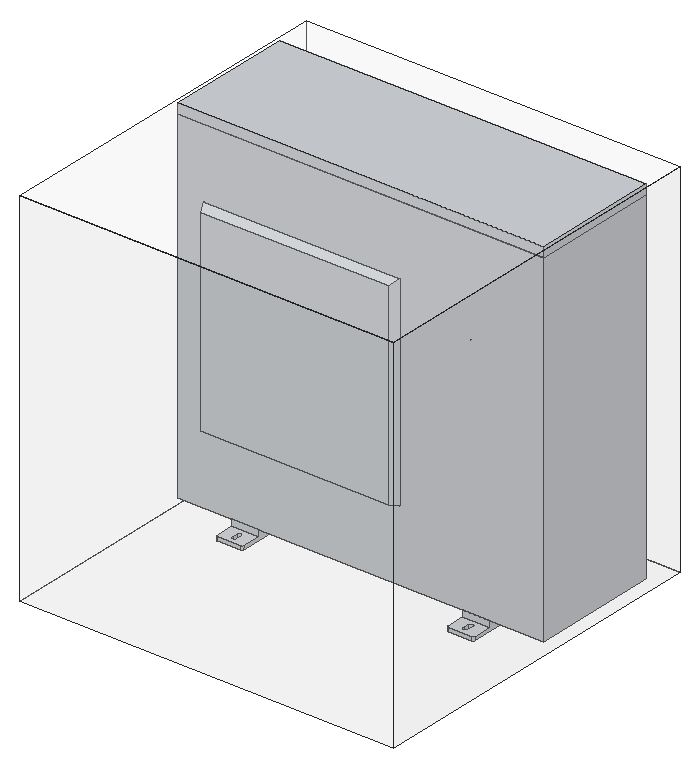
Revit family "puz-zrmp80hka15_280KA5_50hz", category 機械設備, Revit 2019 (continued)
Definition of nested family "PUZ-EZRMP-2"
  Automatic sketch dimensions
    curve 52 to plane 50 = 0 mm
    curve 51 to plane 50 = 0 mm
    curve 50 to plane 50 = 0 mm
    curve 49 to plane 50 = 0 mm
    curve 48 to plane 50 = 0 mm
    curve 47 to plane 50 = 0 mm
    curve 46 to plane 50 = 0 mm
    curve 45 to plane 50 = 0 mm
    curve 44 to plane 50 = 0 mm
    curve 43 to plane 50 = 0 mm
    curve 42 to plane 50 = 0 mm
    curve 41 to plane 50 = 0 mm
    curve 27 to plane 50 = 0 mm
    curve 28 to plane 50 = 0 mm
    curve 40 to plane 50 = 0 mm
    curve 39 to plane 50 = 0 mm
    curve 29 to plane 50 = 0 mm
    curve 38 to plane 50 = 0 mm
    curve 30 to plane 50 = 0 mm
    curve 53 to plane 50 = 0 mm
    curve 31 to plane 50 = 0 mm
    curve 36 to plane 50 = 0 mm
    curve 32 to plane 50 = 0 mm
    curve 35 to plane 50 = 0 mm
    curve 33 to plane 50 = 0 mm
    curve 34 to plane 50 = 0 mm
    curve 28 to plane 49 = 0 mm
    curve 41 to plane 49 = 0 mm
    curve 27 to plane 49 = 0 mm
    curve 42 to plane 49 = 0 mm
    curve 31 to plane 49 = 0 mm
    curve 40 to plane 49 = 0 mm
    curve 37 to plane 49 = 0 mm
    curve 39 to plane 49 = 0 mm
    curve 32 to plane 49 = 0 mm
    curve 45 to plane 49 = 0 mm
    curve 36 to plane 49 = 0 mm
    curve 46 to plane 49 = 0 mm
    curve 43 to plane 49 = 0 mm
    curve 47 to plane 49 = 0 mm
    curve 29 to plane 49 = 0 mm
    curve 48 to plane 49 = 0 mm
    curve 30 to plane 49 = 0 mm
    curve 49 to plane 49 = 0 mm
    curve 44 to plane 49 = 0 mm
    curve 50 to plane 49 = 0 mm
    curve 33 to plane 49 = 0 mm
    curve 51 to plane 49 = 0 mm
    curve 35 to plane 49 = 0 mm
    curve 52 to plane 49 = 0 mm
    curve 38 to plane 49 = 0 mm
    curve 53 to plane 49 = 0 mm
    curve 34 to plane 49 = 0 mm
    Extrusion 9 sketch curve to plane 18 = 0 mm  (x2)
    plane 8 to Extrusion 9 sketch curve = 0 mm
    plane 23 to Extrusion 9 sketch curve = 0 mm
    plane 22 to Extrusion 9 sketch curve = 0 mm  (x3)
    plane 16 to Extrusion 9 sketch curve = 0 mm  (x3)
    plane 17 to Extrusion 9 sketch curve = 0 mm  (x2)
    Extrusion 9 sketch curve to plane 15 = 0 mm  (x2)
    Extrusion 9 sketch curve to plane 19 = 0 mm  (x2)
    Extrusion 9 sketch curve to plane 14 = 0 mm  (x2)
    plane 7 to Extrusion 9 sketch curve = 0 mm
    Extrusion 9 sketch curve to Extrusion 9 sketch curve = 5 mm
    plane 15 to Extrusion 9 sketch curve = 6 mm  (x2)
    plane 19 to Extrusion 9 sketch curve = 5 mm
    Extrusion 9 sketch curve to plane 20 = 5 mm
    plane 14 to Extrusion 9 sketch curve = 6 mm  (x2)
    plane 21 to Extrusion 9 sketch curve = 5 mm
    plane 40 to Masking region 1 sketch curve = 0 mm
    plane 8 to Masking region 1 sketch curve = 0 mm  (x2)
    plane 7 to Masking region 1 sketch curve = 0 mm  (x2)
    curve 301 to plane 6 = 0 mm
    plane 52 to curve 8 = 0 mm
    plane 7 to curve 303 = 0 mm
    curve 304 to plane 18 = 0 mm
    curve 299 to plane 18 = 0 mm
    plane 8 to curve 297 = 0 mm
    curve 305 to plane 19 = 0 mm
    curve 298 to plane 19 = 0 mm
    curve 296 to plane 43 = 0 mm
    curve 295 to plane 48 = 0 mm
    curve 308 to plane 20 = 0 mm
    curve 291 to plane 21 = 11.98 mm
    curve 309 to plane 21 = 0 mm
    curve 290 to plane 47 = 0 mm
    curve 290 to plane 44 = 0 mm
    curve 288 to plane 5 = 0 mm
    plane 22 to curve 304 = 0 mm
    plane 22 to curve 308 = 0 mm
    plane 23 to curve 293 = 0 mm
    plane 23 to curve 298 = 0 mm
    curve 20 to plane 54 = 9 mm
    plane 66 to curve 316 = 4.5 mm
    curve 11 to plane 30 = 5 mm
    curve 11 to plane 66 = 10.5 mm
    curve 8 to curve 5 = 0 mm
    curve 12 to curve 6 = 0 mm
    curve 303 to plane 59 = 17.452 mm
    plane 15 to curve 297 = 2.486 mm
    curve 287 to plane 21 = 16.899 mm
    plane 47 to curve 297 = 22.809 mm
    plane 47 to curve 2 = 2 mm
    plane 31 to curve 9 = 5 mm
    curve 9 to curve 4 = 0 mm
    curve 16 to plane 47 = 13 mm
    plane 40 to Extrusion 9 sketch curve = 10 mm  (x2)
    curve 294 to plane 20 = 0 mm
    curve 293 to plane 21 = 0 mm
    plane 40 to curve 294 = 0 mm
    plane 47 to curve 1 = 2 mm
    curve 16 to curve 325 = 15 mm
Definition of nested family "固定点"
  Parameters (values of type "固定点")
    中心円 = if(W > 599 mm, 12 mm, 10 mm)  # 12 mm
    W = 1000 mm
    D = 1000 mm
  Reference planes
    plane 1 "中心(正面/背面)": y = 0
    plane 2: z = 0
    plane 3 "中心(左/右)": x = 0
    plane 4: x = 1000
    plane 5: y = 1000
  Lines and regions (mm)
    symbolic lines, detail levels fine
      curve 1: circle (0, 1000, 0) r 6 normal (0, 0, 1)
      curve 2: circle (0, 0, 0) r 6 normal (0, 0, 1)
      curve 3: circle (1000, 1000, 0) r 6 normal (0, 0, 1)
      curve 4: circle (1000, 0, 0) r 6 normal (0, 0, 1)
      curve 5: line (-200, 1000, 0) -> (1200, 1000, 0)
      curve 6: line (-200, 0, 0) -> (1200, 0, 0)
      curve 7: line (0, 1200, 0) -> (0, -200, 0)
      curve 8: line (1000, 1200, 0) -> (1000, -200, 0)
  Dimensions and locks
    "W": plane 3 "中心(左/右)" to plane 4
    "D": plane 1 "中心(正面/背面)" to plane 5
    "中心円": diameter of curve 1
    "中心円": diameter of curve 2
    "中心円": diameter of curve 3
    "中心円": diameter of curve 4
    aligned and locked: level to plane 2
    aligned and locked: plane 5 to curve 1
    aligned and locked: plane 3 "中心(左/右)" to curve 1
    aligned and locked: plane 3 "中心(左/右)" to curve 2
    aligned and locked: plane 1 "中心(正面/背面)" to curve 2
    aligned and locked: plane 4 to curve 3
    aligned and locked: plane 5 to curve 3
    aligned and locked: plane 1 "中心(正面/背面)" to curve 4
    aligned and locked: plane 4 to curve 4
    aligned and locked: plane 1 "中心(正面/背面)" to curve 6
    aligned and locked: curve 7 to plane 3 "中心(左/右)"
    aligned and locked: curve 8 to plane 4
  Automatic sketch dimensions
    curve 5 to plane 5 = 0 mm
    curve 6 to plane 3 "中心(左/右)" = 200 mm
    curve 5 to plane 3 "中心(左/右)" = 200 mm
    curve 4 to curve 6 = 200 mm
    curve 3 to curve 5 = 200 mm
    plane 1 "中心(正面/背面)" to curve 8 = 200 mm
    plane 1 "中心(正面/背面)" to curve 7 = 200 mm
    curve 3 to curve 8 = 200 mm
    curve 1 to curve 7 = 200 mm
Types (21, lengths in mm): name | 音響パワーレベル_冷房 (dB) | 音響パワーレベル_暖房 (dB) | 音響パワーレベル(dB) | 電源位置Z | 電源位置X | 電動機出力_送風機 | 電動機出力_圧縮機 | 質量 | 製品質量 | 相 | 消費電力_暖房 | 消費電力_冷房 | 消費電力 | 構成品番 | 極数 | 最小電線太さ_mm2 | 暖房能力 | 推奨ブレーカー容量 | 形名 | ドレン　位置Y | ドレン　位置X | 冷房能力 | 冷媒管（ガス）位置X | 冷媒管（液）位置X | 冷媒管（ガス）位置Y | 冷媒管径符号 | 冷媒管位置Z | 冷媒管位置Y | 冷媒管位置X | 冷媒液管径 | 冷媒ガス管径 | Width | Height | Clearance Right | Clearance Left | Clearance Front | Clearance Back
  室外機_PUZ-ZRMP80HA15 | 66 | 68 | 68 | 669 | 275 | 0.06 kW | 1.6 kW | 79.20 kg | 66.00 kg | 3 | 2.22 kW | 1.93 kW | 2.22 kW | "PUZ-ZRMP80HA15" | 3 | 3.5 | 8 kW | 20 A | PUZ-EZRMP-2 : PUZ-EZRMP-2-2 | 111 | 30 | 7.1 kW | 434 | 377 | 269 | "Bd" | 447 | 279.5 | 405.5 | 9.52 | 15.88 | 950 | 943 | 10 | 10 | 500 | 100
  室外機_PUZ-ZRMP80SHA15 | 66 | 68 | 68 | 669 | 275 | 0.06 kW | 1.6 kW | 84.00 kg | 70.00 kg | 1 | 2.34 kW | 1.98 kW | 2.34 kW | "PUZ-ZRMP80SHA15" | 1 | 3.5 | 8 kW | 30 A | PUZ-EZRMP-2 : PUZ-EZRMP-2-2 | 111 | 30 | 7.1 kW | 434 | 377 | 229 | "Bd" | 447 | 259.5 | 405.5 | 9.52 | 15.88 | 950 | 943 | 10 | 10 | 500 | 100
  室外機_PUZ-ZRMP112KA15 | 68 | 70 | 70 | 1063 | 325 | 0.12 kW | 2.1 kW | 118.80 kg | 99.00 kg | 3 | 2.67 kW | 2.43 kW | 2.67 kW | "PUZ-ZRMP112KA15" | 3 | 5.5 | 11.2 kW | 30 A | PUZ-EZRMP-3 : PUZ-EZRMP3-1 | 176 | 45 | 10 kW | 483 | 423 | 274 | "Bd" | 450 | 282 | 453 | 9.52 | 15.88 | 1050 | 1338 | 15 | 15 | 500 | 150
  室外機_PUZ-ZRMP140KA15 | 68 | 71 | 71 | 1063 | 325 | 0.12 kW | 2.8 kW | 118.80 kg | 99.00 kg | 3 | 3.72 kW | 3.61 kW | 3.72 kW | "PUZ-ZRMP140KA15" | 3 | 5.5 | 14 kW | 30 A | PUZ-EZRMP-3 : PUZ-EZRMP3-1 | 176 | 45 | 12.5 kW | 483 | 423 | 274 | "Bd" | 450 | 282 | 453 | 9.52 | 15.88 | 1050 | 1338 | 15 | 15 | 500 | 150
  室外機_PUZ-ZRMP160KA15 | 70 | 73 | 73 | 1063 | 325 | 0.12 kW | 3.3 kW | 118.80 kg | 99.00 kg | 3 | 4.5 kW | 4.6 kW | 4.6 kW | "PUZ-ZRMP160KA15" | 3 | 5.5 | 16 kW | 30 A | PUZ-EZRMP-3 : PUZ-EZRMP3-1 | 176 | 45 | 14 kW | 483 | 423 | 274 | "Bd" | 450 | 282 | 453 | 9.52 | 15.88 | 1050 | 1338 | 15 | 15 | 500 | 150
  室外機_PUZ-ZRMP224KA5 | 79 | 81 | 81 | 1063 | 325 | 0.3 kW | 4.6 kW | 156.00 kg | 130.00 kg | 3 | 5.66 kW | 6.07 kW | 6.07 kW | "PUZ-ZRMP224KA5" | 3 | 8 | 22.4 kW | 40 A | PUZ-EZRMP-3 : PUZ-EZRMP3-2 | 176 | 45 | 20 kW | 479 | 423 | 276 | "Bg" | 450 | 283 | 451 | 9.52 | 25.40 | 1050 | 1338 | 15 | 15 | 1000 | 150
  室外機_PUZ-ZRMP280KA5 | 79 | 81 | 81 | 1063 | 325 | 0.4 kW | 5.7 kW | 160.80 kg | 134.00 kg | 3 | 8.14 kW | 9.2 kW | 9.2 kW | "PUZ-ZRMP280KA5" | 3 | 14 | 28 kW | 50 A | PUZ-EZRMP-3 : PUZ-EZRMP3-3 | 176 | 45 | 25 kW | 479 | 423 | 276 | "Cg" | 424 | 283 | 451 | 12.70 | 25.40 | 1050 | 1338 | 15 | 15 | 1000 | 150
  室外機_PUZ-ZRMP80SHA15-BS | 66 | 68 | 68 | 669 | 275 | 0.06 kW | 1.6 kW | 84.00 kg | 70.00 kg | 1 | 2.34 kW | 1.98 kW | 2.34 kW | "PUZ-ZRMP80SHA15-BS" | 1 | 3.5 | 8 kW | 30 A | PUZ-EZRMP-2 : PUZ-EZRMP-2-2 | 111 | 30 | 7.1 kW | 434 | 377 | 229 | "Bd" | 447 | 259.5 | 405.5 | 9.52 | 15.88 | 950 | 943 | 10 | 10 | 500 | 100
  室外機_PUZ-ZRMP80SHA15-BSG | 66 | 68 | 68 | 669 | 275 | 0.06 kW | 1.6 kW | 84.00 kg | 70.00 kg | 1 | 2.34 kW | 1.98 kW | 2.34 kW | "PUZ-ZRMP80SHA15-BSG" | 1 | 3.5 | 8 kW | 30 A | PUZ-EZRMP-2 : PUZ-EZRMP-2-2 | 111 | 30 | 7.1 kW | 434 | 377 | 229 | "Bd" | 447 | 259.5 | 405.5 | 9.52 | 15.88 | 950 | 943 | 10 | 10 | 500 | 100
  室外機_PUZ-ZRMP80HA15-BS | 66 | 68 | 68 | 669 | 275 | 0.06 kW | 1.6 kW | 79.20 kg | 66.00 kg | 3 | 2.22 kW | 1.93 kW | 2.22 kW | "PUZ-ZRMP80HA15-BS" | 3 | 3.5 | 8 kW | 20 A | PUZ-EZRMP-2 : PUZ-EZRMP-2-2 | 111 | 30 | 7.1 kW | 434 | 377 | 269 | "Bd" | 447 | 279.5 | 405.5 | 9.52 | 15.88 | 950 | 943 | 10 | 10 | 500 | 100
  室外機_PUZ-ZRMP80HA15-BSG | 66 | 68 | 68 | 669 | 275 | 0.06 kW | 1.6 kW | 79.20 kg | 66.00 kg | 3 | 2.22 kW | 1.93 kW | 2.22 kW | "PUZ-ZRMP80HA15-BSG" | 3 | 3.5 | 8 kW | 20 A | PUZ-EZRMP-2 : PUZ-EZRMP-2-2 | 111 | 30 | 7.1 kW | 434 | 377 | 269 | "Bd" | 447 | 279.5 | 405.5 | 9.52 | 15.88 | 950 | 943 | 10 | 10 | 500 | 100
  室外機_PUZ-ZRMP280KA5-BS | 79 | 81 | 81 | 1063 | 325 | 0.4 kW | 5.7 kW | 160.80 kg | 134.00 kg | 3 | 8.14 kW | 9.2 kW | 9.2 kW | "PUZ-ZRMP280KA5-BS" | 3 | 14 | 28 kW | 50 A | PUZ-EZRMP-3 : PUZ-EZRMP3-3 | 176 | 45 | 25 kW | 479 | 423 | 276 | "Cg" | 424 | 283 | 451 | 12.70 | 25.40 | 1050 | 1338 | 15 | 15 | 1000 | 150
  室外機_PUZ-ZRMP280KA5-BSG | 79 | 81 | 81 | 1063 | 325 | 0.4 kW | 5.7 kW | 160.80 kg | 134.00 kg | 3 | 8.14 kW | 9.2 kW | 9.2 kW | "PUZ-ZRMP280KA5-BSG" | 3 | 14 | 28 kW | 50 A | PUZ-EZRMP-3 : PUZ-EZRMP3-3 | 176 | 45 | 25 kW | 479 | 423 | 276 | "Cg" | 424 | 283 | 451 | 12.70 | 25.40 | 1050 | 1338 | 15 | 15 | 1000 | 150
  室外機_PUZ-ZRMP224KA5-BS | 79 | 81 | 81 | 1063 | 325 | 0.3 kW | 4.6 kW | 156.00 kg | 130.00 kg | 3 | 5.66 kW | 6.07 kW | 6.07 kW | "PUZ-ZRMP224KA5-BS" | 3 | 8 | 22.4 kW | 40 A | PUZ-EZRMP-3 : PUZ-EZRMP3-2 | 176 | 45 | 20 kW | 479 | 423 | 276 | "Bg" | 450 | 283 | 451 | 9.52 | 25.40 | 1050 | 1338 | 15 | 15 | 1000 | 150
  室外機_PUZ-ZRMP224KA5-BSG | 79 | 81 | 81 | 1063 | 325 | 0.3 kW | 4.6 kW | 156.00 kg | 130.00 kg | 3 | 5.66 kW | 6.07 kW | 6.07 kW | "PUZ-ZRMP224KA5-BSG" | 3 | 8 | 22.4 kW | 40 A | PUZ-EZRMP-3 : PUZ-EZRMP3-2 | 176 | 45 | 20 kW | 479 | 423 | 276 | "Bg" | 450 | 283 | 451 | 9.52 | 25.40 | 1050 | 1338 | 15 | 15 | 1000 | 150
  室外機_PUZ-ZRMP160KA15-BS | 70 | 73 | 73 | 1063 | 325 | 0.12 kW | 3.3 kW | 118.80 kg | 99.00 kg | 3 | 4.5 kW | 4.6 kW | 4.6 kW | "PUZ-ZRMP160KA15-BS" | 3 | 5.5 | 16 kW | 30 A | PUZ-EZRMP-3 : PUZ-EZRMP3-1 | 176 | 45 | 14 kW | 483 | 423 | 274 | "Bd" | 450 | 282 | 453 | 9.52 | 15.88 | 1050 | 1338 | 15 | 15 | 500 | 150
  室外機_PUZ-ZRMP160KA15-BSG | 70 | 73 | 73 | 1063 | 325 | 0.12 kW | 3.3 kW | 118.80 kg | 99.00 kg | 3 | 4.5 kW | 4.6 kW | 4.6 kW | "PUZ-ZRMP160KA15-BSG" | 3 | 5.5 | 16 kW | 30 A | PUZ-EZRMP-3 : PUZ-EZRMP3-1 | 176 | 45 | 14 kW | 483 | 423 | 274 | "Bd" | 450 | 282 | 453 | 9.52 | 15.88 | 1050 | 1338 | 15 | 15 | 500 | 150
  室外機_PUZ-ZRMP140KA15-BS | 68 | 71 | 71 | 1063 | 325 | 0.12 kW | 2.8 kW | 118.80 kg | 99.00 kg | 3 | 3.72 kW | 3.61 kW | 3.72 kW | "PUZ-ZRMP140KA15-BS" | 3 | 5.5 | 14 kW | 30 A | PUZ-EZRMP-3 : PUZ-EZRMP3-1 | 176 | 45 | 12.5 kW | 483 | 423 | 274 | "Bd" | 450 | 282 | 453 | 9.52 | 15.88 | 1050 | 1338 | 15 | 15 | 500 | 150
  室外機_PUZ-ZRMP140KA15-BSG | 68 | 71 | 71 | 1063 | 325 | 0.12 kW | 2.8 kW | 118.80 kg | 99.00 kg | 3 | 3.72 kW | 3.61 kW | 3.72 kW | "PUZ-ZRMP140KA15-BSG" | 3 | 5.5 | 14 kW | 30 A | PUZ-EZRMP-3 : PUZ-EZRMP3-1 | 176 | 45 | 12.5 kW | 483 | 423 | 274 | "Bd" | 450 | 282 | 453 | 9.52 | 15.88 | 1050 | 1338 | 15 | 15 | 500 | 150
  室外機_PUZ-ZRMP112KA15-BS | 68 | 70 | 70 | 1063 | 325 | 0.12 kW | 2.1 kW | 118.80 kg | 99.00 kg | 3 | 2.67 kW | 2.43 kW | 2.67 kW | "PUZ-ZRMP112KA15-BS" | 3 | 5.5 | 11.2 kW | 30 A | PUZ-EZRMP-3 : PUZ-EZRMP3-1 | 176 | 45 | 10 kW | 483 | 423 | 274 | "Bd" | 450 | 282 | 453 | 9.52 | 15.88 | 1050 | 1338 | 15 | 15 | 500 | 150
  室外機_PUZ-ZRMP112KA15-BSG | 68 | 70 | 70 | 1063 | 325 | 0.12 kW | 2.1 kW | 118.80 kg | 99.00 kg | 3 | 2.67 kW | 2.43 kW | 2.67 kW | "PUZ-ZRMP112KA15-BSG" | 3 | 5.5 | 11.2 kW | 30 A | PUZ-EZRMP-3 : PUZ-EZRMP3-1 | 176 | 45 | 10 kW | 483 | 423 | 274 | "Bd" | 450 | 282 | 453 | 9.52 | 15.88 | 1050 | 1338 | 15 | 15 | 500 | 150
